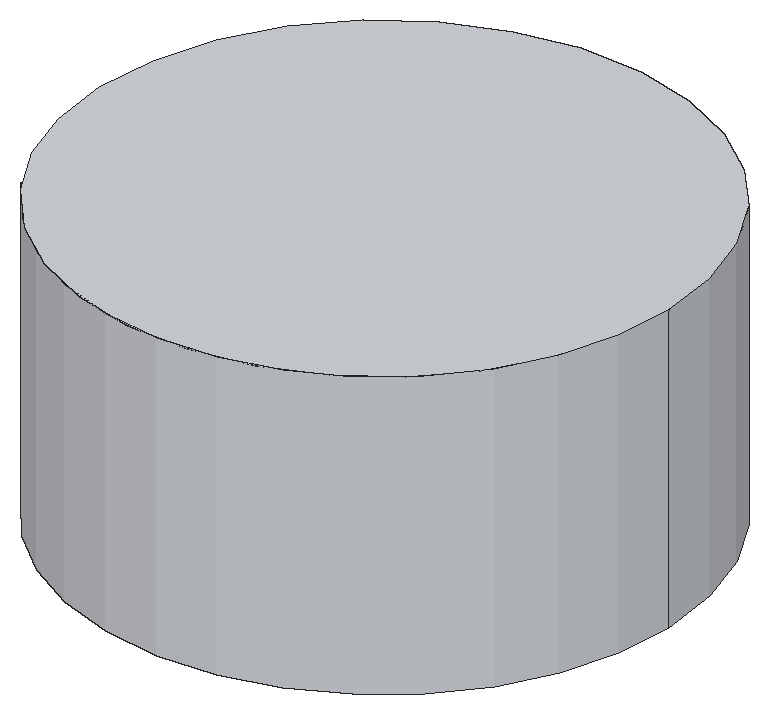
Revit family "2603SMTH L and R", category Generic Models, Revit 2021
Family settings
  Can host rebar = No
  Round Connector Dimension = Use Diameter
  Part Type = Normal
  Work Plane-Based = No
  Always vertical = Yes
  Cut with Voids When Loaded = No
  Shared = No
  Room Calculation Point = No
Parameters (values of type "2603SMTH R")
  Right Hand Drain = yes
  Left Hand Drain = no
  Default Elevation = 0' - 0"
Types (3): name | Right Hand Drain | Left Hand Drain
  (no name) | yes | no
  2603SMTH L | no | yes
  2603SMTH R | yes | no
Reference planes (in)
  plane 1 "Center (Front/Back)": y = 0
  plane 2: z = 0
  plane 3 "Center (Left/Right)": x = 0
Dimensions and locks (in)
  aligned and locked: level to plane 2
Nested families (in)
  nested 1: "2603SMTH" at (0, 0, 0), visible <- "Left Hand Drain", type "Standard"
  nested 2: "2603SMTH" at (0, 0, 0) x (-1, 0, 0) z (0, 0, 1), visible <- "Right Hand Drain", type "Standard"
Definition of nested family "2603SMTH"
  Parameters (values of type "Standard")
    Default Elevation = 0' - 0"
    Connector_1_Diameter = 0' - 2"
  Reference planes (in)
    plane 1 "Center (Front/Back)": y = 0
    plane 2: z = 0
    plane 3 "Center (Left/Right)": x = 0
  Forms (in)
    Extrusion 1, solid
      sketch origin (8.53169, -14.99389, 4.8125) x (0, 1, 0) y (1, 0, 0)
        loop
          circle (0, 0) r 0.12
      from 0 to -0.12
  Lines and regions (in)
    symbolic lines, detail levels coarse
      curve 1: line (0, 0, 0) -> (59.98777, 0, 0)
      curve 2: line (0, -31.98365, 0) -> (0, 0, 0)
      curve 3: line (59.98777, -31.98365, 0) -> (0, -31.98365, 0)
      curve 4: line (59.98777, 0, 0) -> (59.98777, -31.98365, 0)
      curve 5: line (51.17797, -3.85464, 0) -> (8.84818, -3.85464, 0)
      curve 6: line (8.84818, -27.08106, 0) -> (51.17797, -27.08106, 0)
      curve 7: line (57.17797, -9.85464, 0) -> (57.17797, -21.08106, 0)
      curve 8: line (2.84818, -9.85464, 0) -> (2.84818, -21.08106, 0)
      curve 9: arc (8.84818, -3.85464, 0) -> (4.60554, -5.612, 0) -> (2.84818, -9.85464, 0) r 6
      curve 10: arc (51.17797, -3.85464, 0) -> (55.42062, -5.612, 0) -> (57.17797, -9.85464, 0) r 6
      curve 11: arc (2.84818, -21.08106, 0) -> (4.60554, -25.3237, 0) -> (8.84818, -27.08106, 0) r 6
      curve 12: arc (51.17797, -27.08106, 0) -> (55.42062, -25.3237, 0) -> (57.17797, -21.08106, 0) r 6
      curve 13: circle (8.53972, -14.99568, 0) r 1 normal (0, 0, 1)
      curve 14: line (2.02514, -31.98365, 0) -> (2.02514, -2.68291, 0)
      curve 15: line (56.96264, -1.68291, 0) -> (3.02514, -1.68291, 0)
      curve 16: line (57.96264, -2.68291, 0) -> (57.96264, -31.98365, 0)
      curve 17: arc (2.02514, -2.68291, 0) -> (2.31803, -1.9758, 0) -> (3.02514, -1.68291, 0) r 1
      curve 18: arc (56.96264, -1.68291, 0) -> (57.66974, -1.9758, 0) -> (57.96264, -2.68291, 0) r 1
      curve 19: line (0, 0, 0) -> (59.99432, 0, 0)
      curve 20: line (0, 0, 79.93871) -> (0, 0, 0)
      curve 21: line (59.99432, 0, 79.93871) -> (0, 0, 79.93871)
      curve 22: line (59.99432, 0, 0) -> (59.99432, 0, 79.93871)
      curve 23: line (2.02514, 0, 19.05288) -> (2.02514, 0, 79.93871)
      curve 24: line (57.96264, 0, 79.93871) -> (57.96264, 0, 19.05288)
      curve 25: line (58.09928, 0, 19.05288) -> (1.8885, 0, 19.05288)
      curve 26: line (55.69179, 0, 7.08498) -> (4.29598, 0, 7.08498)
      curve 27: line (1.8885, 0, 19.05288) -> (2.80152, 0, 8.45622)
      curve 28: line (57.18626, 0, 8.45622) -> (58.09928, 0, 19.05288)
      curve 29: arc (55.69179, 0, 7.08498) -> (56.70591, 0, 7.47973) -> (57.18626, 0, 8.45622) r 1.5
      curve 30: arc (2.80152, 0, 8.45622) -> (3.28187, 0, 7.47973) -> (4.29598, 0, 7.08498) r 1.5
  Dimensions and locks (in)
    aligned and locked: level to plane 2
    aligned and locked: import instance to plane 3 "Center (Left/Right)"
    aligned and locked: import instance to plane 1 "Center (Front/Back)"
    aligned and locked: import instance to level
    aligned and locked: curve 3 to import instance
    aligned and locked: plane 1 "Center (Front/Back)" to curve 1
    aligned and locked: plane 3 "Center (Left/Right)" to curve 2
    aligned and locked: curve 19 to level
    aligned and locked: curve 20 to plane 3 "Center (Left/Right)"
    aligned and locked: curve 22 to import instance
    aligned and locked: curve 21 to import instance
  Connectors (in)
    piping at (8.53169, -14.99389, 4.8125), diameter 2, driven by "Connector_1_Diameter"
      settings: on Extrusion 1, index 1, connector inside diameter 24", connector length 0' - 0", flow factor 0, pipe flow 0 GPM, pressure drop 0.00 psi, fitting loss kfactor 0, connector angle 0.00°, fixture units 0, engagement length 0' - 0", angle of deflection 0.00°, flow configuration 1, flow direction 0, fitting loss method 0, system type 16, joint type 0, gender type 0, connector reference index -1, connector utility 0, adjustable connector no, is connector primary yes, connector description ""
